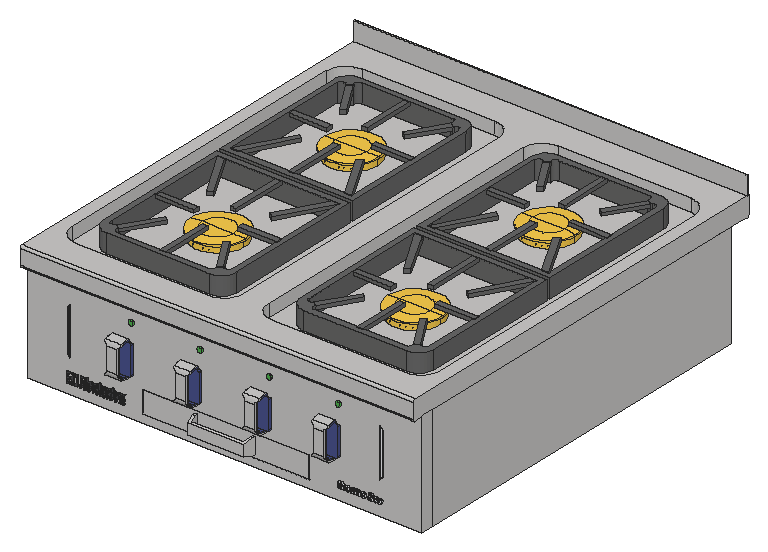
Revit family "QF_ELECTROLUXPROFESSIONAL_593106_MBGGBBHOVI", category Specialty Equipment, Revit 2014
Parameters
  Weight in Pounds = 487.22
  URL Cutsheet = ""
  Type Mark [instance] = ""
  Specification by User [instance] = ""
  Specification by Manufacturer = ""
  Serial Number = ""
  Seismic Rating = ""
  SMACNA No = ""
  Revision Code [instance] = ""
  Omniclass Number and Title = ""
  NAFEM Spec ID Number = ""
  Model = "588557"
  Masterspec = ""
  Manufacturer = "Electrolux Professional"
  Item Number [instance] = ""
  Installed By [instance] = ""
  Identify Quantity as Lot [instance] = yes
  Furnished By [instance] = ""
  Foodservice Equipment Identifier [instance] = yes
  Description = ""
  CSI MasterFormat = ""
  CSI Master Format = ""
Reference planes
  plane 1 "BACK": y = 0
  plane 2: z = 0
  plane 3 "LEFT": x = 0
  plane 4 "RIGHT": x = 800
  plane 5 "FRONT": y = -850
  plane 6 "TOP": z = 900
  plane 7 "Center (Left/Right)": x = 400
  plane 8: y = -425
  plane 9: y = -150
  plane 10: x = 75
  plane 11: x = 725
  plane 12: y = -65
  plane 13: y = -790
  plane 14 "GasY": y = -540
  plane 15: z = 938
  plane 16 "BaseTop": z = 650
  plane 17: y = -805
  plane 18 "Camino": y = -50
  plane 19: x = 764
  plane 20: z = 1131
Forms (mm)
  Extrusion 1, solid, material "QF_Finishes_Stainless Steel"
    sketch origin (-178.969, -4572, 100) x (-1, 0, 0) y (0, -1, 0)
      loop
        line (-178.969, -4527) -> (-178.969, -3767) -> (-978.969, -3767) -> (-978.969, -4527) -> (-178.969, -4527)
    from 550 to 762.969
  Extrusion 2, solid, material "QF_Finishes_Stainless Steel"
    sketch origin (400, 296.4, 1219.2) x (0, 1, 0) y (0, 0, 1)
      loop
        line (-296.4, -319.2) -> (-1141.4, -319.2)
        arc (-1141.4, -319.2) -> (-1144.935, -320.664) -> (-1146.4, -324.2) r 5
        line (-1146.4, -324.2) -> (-1146.4, -355.2)
        arc (-1146.4, -355.2) -> (-1144.971, -358.264) -> (-1141.705, -359.139) r 4
        line (-1141.705, -359.139) -> (-1126.4, -356.231) -> (-316.4, -356.231) -> (-301.094, -359.139)
        arc (-301.094, -359.139) -> (-297.829, -358.264) -> (-296.4, -355.2) r 4
        line (-296.4, -355.2) -> (-296.4, -319.2)
    from -400 to 400
  Extrusion 3, void
    sketch origin (0, 0, 900) x (-1, 0, 0) y (0, -1, 0)
      loop
        arc (-65.29, 65) -> (-37.006, 76.716) -> (-25.29, 105) r 40
        line (-25.29, 105) -> (-25.29, 750)
        arc (-25.29, 750) -> (-37.006, 778.284) -> (-65.29, 790) r 40
        line (-65.29, 790) -> (-335.29, 790)
        arc (-335.29, 790) -> (-363.574, 778.284) -> (-375.29, 750) r 40
        line (-375.29, 750) -> (-375.29, 105)
        arc (-375.29, 105) -> (-363.574, 76.716) -> (-335.29, 65) r 40
        line (-335.29, 65) -> (-65.29, 65)
    from 0 to -25
  Extrusion 4, solid, material "QF_Finishes_Stainless Steel"
    sketch origin (400, 296.4, 1219.2) x (0, 1, 0) y (0, 0, 1)
      loop
        line (-296.4, -319.2) -> (-296.4, -281.2) -> (-298.4, -281.2) -> (-298.4, -319.2) -> (-296.4, -319.2)
    from 400 to -400
  Extrusion 5, solid, material "QF_Finishes_Stainless Steel"
    sketch origin (0, 0, 650) x (-1, 0, 0) y (0, -1, 0)
      loop
        circle (-764, 540) r 10.1
    from 0 to -10
  Extrusion 6, void
    sketch origin (800, 0, 900) x (1, 0, 0) y (0, 1, 0)
      loop
        line (-65.29, -65) -> (-335.29, -65)
        arc (-335.29, -65) -> (-363.574, -76.716) -> (-375.29, -105) r 40
        line (-375.29, -105) -> (-375.29, -750)
        arc (-375.29, -750) -> (-363.574, -778.284) -> (-335.29, -790) r 40
        line (-335.29, -790) -> (-65.29, -790)
        arc (-65.29, -790) -> (-37.006, -778.284) -> (-25.29, -750) r 40
        line (-25.29, -750) -> (-25.29, -105)
        arc (-25.29, -105) -> (-37.006, -76.716) -> (-65.29, -65) r 40
    from 0 to -25
Cuts and joins
  Extrusion 3, Extrusion 6 cuts Extrusion 2
Lines and regions (mm)
  symbolic lines
    curve 1: line (0, 0, 100) -> (800, 0, 100)
    curve 2: line (0, -850, 100) -> (0, 0, 100)
    curve 3: line (800, -850, 100) -> (0, -850, 100)
    curve 4: line (800, 0, 100) -> (800, -850, 100)
    curve 5: line (0, -2, 0) -> (800, -2, 0)
    curve 6: line (335.29, -65, 0) -> (65.29, -65, 0)
    curve 7: line (424.71, -105, 0) -> (424.71, -750, 0)
    curve 8: line (734.71, -65, 0) -> (464.71, -65, 0)
    curve 9: arc (65.29, -65, 0) -> (37.006, -76.716, 0) -> (25.29, -105, 0) r 40
    curve 10: arc (375.29, -105, 0) -> (363.574, -76.716, 0) -> (335.29, -65, 0) r 40
    curve 11: line (375.29, -750, 0) -> (375.29, -105, 0)
    curve 12: arc (335.29, -790, 0) -> (363.574, -778.284, 0) -> (375.29, -750, 0) r 40
    curve 13: line (65.29, -790, 0) -> (335.29, -790, 0)
    curve 14: arc (25.29, -750, 0) -> (37.006, -778.284, 0) -> (65.29, -790, 0) r 40
    curve 15: line (25.29, -105, 0) -> (25.29, -750, 0)
    curve 16: arc (464.71, -65, 0) -> (436.426, -76.716, 0) -> (424.71, -105, 0) r 40
    curve 17: arc (774.71, -105, 0) -> (762.994, -76.716, 0) -> (734.71, -65, 0) r 40
    curve 18: line (774.71, -750, 0) -> (774.71, -105, 0)
    curve 19: arc (734.71, -790, 0) -> (762.994, -778.284, 0) -> (774.71, -750, 0) r 40
    curve 20: line (464.71, -790, 0) -> (734.71, -790, 0)
    curve 21: arc (424.71, -750, 0) -> (436.426, -778.284, 0) -> (464.71, -790, 0) r 40
Dimensions and locks
  plane 3 "LEFT" to plane 4 "RIGHT" = 800 mm
  locked: plane 5 "FRONT" to plane 1 "BACK" at 850
  plane 3 "LEFT" to plane 7 "Center (Left/Right)" to plane 4 "RIGHT" = 400 mm, 400 mm
  equal spacing: plane 5 "FRONT", plane 8, plane 1 "BACK"
  plane 6 "TOP" to level = 900 mm  (x2)
  plane 1 "BACK" to plane 9 = 150 mm
  plane 14 "GasY" to plane 1 "BACK" = 540 mm
  plane 15 to plane 6 "TOP" = 38 mm
  plane 12 to plane 1 "BACK" = 65 mm
  plane 5 "FRONT" to plane 13 = 60 mm
  plane 3 "LEFT" to plane 10 = 75 mm
  plane 11 to plane 4 "RIGHT" = 75 mm
  locked: plane 6 "TOP" to plane 16 "BaseTop" at 250
  locked: plane 17 to plane 5 "FRONT" at 45
  plane 18 "Camino" to plane 1 "BACK" = 50 mm
  plane 19 to plane 4 "RIGHT" = 36 mm
  plane 20 to plane 6 "TOP" = 231 mm
  aligned and locked: level to plane 2
  aligned and locked: cut or joined group of Extrusion 2, Extrusion 3, Extrusion 6 to plane 3 "LEFT"
  aligned and locked: cut or joined group of Extrusion 2, Extrusion 3, Extrusion 6 to plane 4 "RIGHT"
  aligned and locked: nested 1 to plane 17
  aligned and locked: Extrusion 1 to plane 17
  aligned and locked: Extrusion 4 to plane 3 "LEFT"
  aligned and locked: Extrusion 4 to plane 4 "RIGHT"
  aligned and locked: plane 3 "LEFT" to nested 1
Automatic sketch dimensions
  curve 5 to plane 3 "LEFT" = 0 mm
  curve 5 to plane 4 "RIGHT" = 0 mm
  plane 1 "BACK" to curve 5 = 2 mm
  Extrusion 1 sketch curve to plane 4 "RIGHT" = 0 mm
  Extrusion 1 sketch curve to plane 3 "LEFT" = 0 mm
  Extrusion 1 sketch curve to plane 17 = 0 mm
  Extrusion 1 sketch curve to plane 18 "Camino" = 5 mm
  plane 1 "BACK" to curve 1 = 0 mm
  curve 1 to plane 4 "RIGHT" = 0 mm
  curve 3 to plane 3 "LEFT" = 0 mm
  plane 5 "FRONT" to curve 3 = 0 mm
  Extrusion 2 sketch curve to plane 5 "FRONT" = 0 mm
  Extrusion 2 sketch curve to plane 6 "TOP" = 0 mm
  Extrusion 2 sketch curve to plane 1 "BACK" = 0 mm
  Extrusion 2 sketch curve to Extrusion 2 sketch curve = 4 mm
  Extrusion 2 sketch curve to Extrusion 2 sketch curve = 0.695 mm
  Extrusion 2 sketch curve to plane 5 "FRONT" = 5 mm
  Extrusion 2 sketch curve to Extrusion 2 sketch curve = 15.305 mm
  plane 1 "BACK" to Extrusion 2 sketch curve = 20 mm
  plane 1 "BACK" to Extrusion 2 sketch curve = 4.695 mm
  plane 1 "BACK" to Extrusion 2 sketch curve = 4 mm
  Extrusion 2 sketch curve to Extrusion 2 sketch curve = 31 mm
  Extrusion 2 sketch curve to Extrusion 2 sketch curve = 36 mm
  Extrusion 2 sketch curve to Extrusion 2 sketch curve = 2.909 mm
  plane 12 to Extrusion 3 sketch curve = 0 mm
  Extrusion 3 sketch curve to plane 7 "Center (Left/Right)" = 24.71 mm
  Extrusion 3 sketch curve to Extrusion 3 sketch curve = 40 mm  (x2)
  Extrusion 3 sketch curve to plane 13 = 40 mm
  plane 10 to Extrusion 3 sketch curve = 9.71 mm  (x2)
  plane 3 "LEFT" to Extrusion 3 sketch curve = 25.29 mm
  Extrusion 4 sketch curve to plane 6 "TOP" = 0 mm
  Extrusion 4 sketch curve to plane 15 = 0 mm
  Extrusion 4 sketch curve to plane 1 "BACK" = 0 mm
  Extrusion 4 sketch curve to Extrusion 4 sketch curve = 2 mm
  Extrusion 5 sketch curve to plane 14 "GasY" = 0 mm
  Extrusion 5 sketch curve to plane 19 = 0 mm
  plane 12 to Extrusion 6 sketch curve = 0 mm
  Extrusion 6 sketch curve to plane 7 "Center (Left/Right)" = 24.71 mm
  Extrusion 6 sketch curve to Extrusion 6 sketch curve = 40 mm  (x2)
  plane 13 to Extrusion 6 sketch curve = 40 mm
  plane 11 to Extrusion 6 sketch curve = 9.71 mm  (x2)
  Extrusion 6 sketch curve to plane 19 = 10.71 mm
  plane 7 "Center (Left/Right)" to curve 7 = 24.71 mm
  curve 8 to plane 11 = 9.71 mm
  plane 12 to curve 6 = 0 mm
  plane 10 to curve 6 = 9.71 mm
  curve 6 to plane 7 "Center (Left/Right)" = 64.71 mm
  plane 12 to curve 8 = 0 mm
  curve 9 to curve 6 = 40 mm
  curve 10 to curve 6 = 40 mm
  curve 11 to plane 13 = 40 mm
  plane 13 to curve 12 = 0 mm
  plane 10 to curve 13 = 9.71 mm
  plane 12 to curve 16 = 40 mm
  curve 17 to curve 8 = 40 mm
  curve 18 to plane 13 = 40 mm
  plane 13 to curve 19 = 0 mm
  curve 21 to plane 13 = 40 mm
  radius of Extrusion 5 sketch curve = 10.1 mm
Nested families
  nested 1: "Front_Panel_W800_Four Knobs_Spie" at (202.376, -805, 0), type "Front_Panel_W800_Four Knobs_Spie"
  nested 2: "Therma_One_Burner_Long" at (198.607, -260.258, 875), type "Therma_One_Burner_Long"
  nested 3: "Therma_One_Burner_Long" at (198.607, -593.742, 875), type "Therma_One_Burner_Long"
  nested 4: "Therma_One_Burner_Long" at (601.393, -260.258, 875) x (-1, 0, 0) z (0, 0, 1), type "Therma_One_Burner_Long"
  nested 5: "Therma_One_Burner_Long" at (601.393, -593.742, 875) x (-1, 0, 0) z (0, 0, 1), type "Therma_One_Burner_Long"
Connectors
  piping at (764, -540, 650), diameter 12.7
    settings: on Extrusion 5, index 1, connector inside diameter 24", connector length 0 mm, flow factor 0, pipe flow 0 GPM, pressure drop 0.00 psi, fitting loss kfactor 0, connector angle 0.00°, fixture units 0, engagement length 0 mm, angle of deflection 0.00°, flow configuration 1, flow direction 1, fitting loss method 0, system type 7, joint type 0, gender type 0, connector reference index -1, connector utility 0, adjustable connector no, is connector primary yes, connector description "Gas Connection"
Definition of nested family "Front_Panel_W800_Four Knobs_Spie"
  Reference planes
    plane 1 "Center (Front/Back)": y = 0
    plane 2: z = 0
    plane 3 "Center (Left/Right)": x = 197.624
    plane 4 "Left": x = -202.376
    plane 5 "Right": x = 597.624
    plane 6: y = -45
    plane 7: x = -12.376
    plane 8: x = 127.624
    plane 9: y = -310
    plane 10 "Panel": y = -25
    plane 11: x = 517.624
    plane 12: x = -122.376
  Forms (mm)
    Extrusion 1, solid, material "QF_Finishes_Stainless Steel"
      sketch origin (833.217, 829.203, -1.25) x (0, 1, 0) y (0, 0, 1)
        loop
          line (-854.203, 651.25) -> (-829.203, 651.25) -> (-829.203, 864.25) -> (-854.203, 864.25) -> (-854.203, 651.25)
      from -1035.593 to -235.593
    Extrusion 2, void
      sketch origin (0, -25, -10) x (0, 0, 1) y (-1, 0, 0)
        loop
          line (731.866, 122.376) -> (726.866, 117.376) -> (823.866, 117.376) -> (818.866, 122.376) -> (731.866, 122.376)
        loop
          line (731.866, -517.624) -> (818.866, -517.624) -> (823.866, -512.624) -> (726.866, -512.624) -> (731.866, -517.624)
      from 0 to -2
    Extrusion 3, void
      sketch origin (0, 0, 0) x (1, 0, 0) y (0, 0, 1)
        loop
          line (30.124, 711.866) -> (30.124, 666.866) -> (370.124, 666.866) -> (370.124, 711.866) -> (30.124, 711.866)
      from 19.387 to 25
    Extrusion 4, solid, material "QF_Finishes_Stainless Steel"
      sketch origin (0, 0, 0) x (1, 0, 0) y (0, 0, 1)
        loop
          line (31.124, 710.866) -> (31.124, 667.866) -> (369.124, 667.866) -> (369.124, 710.866) -> (31.124, 710.866)
      from 19.387 to 25
    Extrusion 5, solid, material "QF_Finishes_Stainless Steel"
      sketch origin (0, 0, 0) x (1, 0, 0) y (0, 1, 0)
        loop
          line (141.059, -25) -> (135.966, -25) -> (140.646, -49.075) -> (254.603, -49.075) -> (259.283, -25) -> (254.189, -25) -> (250.481, -44.075) -> (144.767, -44.075) -> (141.059, -25)
      from 672.593 to 705.67
    Extrusion 6, void
      sketch origin (197.624, 0, 0) x (0, 1, 0) y (0, 0, 1)
        loop
          line (-30, 705.67) -> (-30, 710.67) -> (-56.744, 710.67) -> (-56.744, 667.593) -> (-30, 667.593) -> (-30, 672.593) -> (-53.776, 680.318) -> (-53.776, 697.945) -> (-30, 705.67)
      from -70 to 70
    Extrusion 7, solid, material "QF_Door-Drawer Clearances", detail levels coarse
      sketch origin (0, -265, 0) x (1, 0, 0) y (0, 1, 0)
        loop
          line (140.646, -69.075) -> (254.603, -69.075) -> (259.283, -45) -> (364.124, -45) -> (364.124, 240) -> (31.124, 240) -> (31.124, -45) -> (135.966, -45) -> (140.646, -69.075)
      from 672.593 to 705.67
    Extrusion 8, void
      sketch origin (197.624, -280, 0) x (0, 1, 0) y (0, 0, 1)
        loop
          line (-30, 705.67) -> (-30, 710.67) -> (-56.744, 710.67) -> (-56.744, 667.593) -> (-30, 667.593) -> (-30, 672.593) -> (-53.776, 680.318) -> (-53.776, 697.945) -> (-30, 705.67)
      from -70 to 70
    Extrusion 9, solid, material "QF_Finishes_Green"
      sketch origin (20, -25, 1.163) x (0, 0, 1) y (-1, 0, 0)
        loop
          circle (824.337, 12.376) r 5
      from 0 to 1.7
    Extrusion 10, solid, material "QF_Finishes_Green"
      sketch origin (160, -25, 1.163) x (0, 0, 1) y (-1, 0, 0)
        loop
          circle (824.337, 12.376) r 5
      from 0 to 1.7
    Extrusion 11, solid, material "QF_Finishes_Green"
      sketch origin (300.724, -25, 1.163) x (0, 0, 1) y (-1, 0, 0)
        loop
          circle (824.337, 12.376) r 5
      from 0 to 1.7
    Extrusion 12, solid, material "QF_Finishes_Green"
      sketch origin (440.724, -25, 1.163) x (0, 0, 1) y (-1, 0, 0)
        loop
          circle (824.337, 12.376) r 5
      from 0 to 1.7
    Extrusion 13, solid, material "QF_Finishes_White"
      sketch origin (0, -25, -10) x (0, 0, 1) y (-1, 0, 0)
        loop
          line (731.866, 122.376) -> (726.866, 117.376) -> (823.866, 117.376) -> (818.866, 122.376) -> (731.866, 122.376)
        loop
          line (726.866, -512.624) -> (731.866, -517.624) -> (818.866, -517.624) -> (823.866, -512.624) -> (726.866, -512.624)
      from 0 to -2
  Cuts and joins
    Extrusion 2, Extrusion 3 cuts Extrusion 1
    Extrusion 6, Extrusion 8 cuts Extrusion 5
    Extrusion 8 cuts Extrusion 7
  Lines and regions (mm)
    symbolic lines, style "SpecialityEquipmentHiddenLines"
      curve 1: line (31.124, -45, 0) -> (31.124, -310, 0)
      curve 2: line (31.124, -310, 0) -> (364.124, -310, 0)
      curve 3: line (135.966, -310, 0) -> (140.646, -334.075, 0)
      curve 4: line (140.646, -334.075, 0) -> (254.603, -334.075, 0)
      curve 5: line (254.603, -334.075, 0) -> (259.283, -310, 0)
      curve 6: line (364.124, -310, 0) -> (364.124, -45, 0)
      curve 7: line (31.124, -300, 0) -> (364.124, -300, 0)
      curve 8: line (140.874, -309.046, 0) -> (144.767, -329.075, 0)
      curve 9: line (144.767, -329.075, 0) -> (250.481, -329.075, 0)
      curve 10: line (250.481, -329.075, 0) -> (254.375, -309.046, 0)
  Dimensions and locks
    equal spacing: plane 5 "Right", plane 3 "Center (Left/Right)", plane 4 "Left"
    plane 5 "Right" to plane 4 "Left" = 800 mm
    plane 3 "Center (Left/Right)" to plane 7 = 210 mm
    plane 3 "Center (Left/Right)" to plane 8 = 70 mm
    plane 6 to plane 9 = 265 mm
    aligned and locked: cut or joined group of Extrusion 1, Extrusion 2, Extrusion 3 to plane 4 "Left"
    aligned and locked: plane 5 "Right" to cut or joined group of Extrusion 1, Extrusion 2, Extrusion 3
  Automatic sketch dimensions
    plane 6 to curve 1 = 0 mm
    curve 1 to plane 9 = 0 mm
    plane 6 to curve 6 = 0 mm
    plane 7 to curve 1 = 43.5 mm
    plane 8 to curve 3 = 13.021 mm
    curve 3 to curve 8 = 4.122 mm
    curve 10 to plane 9 = 19.075 mm
    plane 3 "Center (Left/Right)" to curve 10 = 52.857 mm
    curve 5 to plane 9 = 24.075 mm
    curve 9 to curve 5 = 4.122 mm
    curve 4 to curve 2 = 109.521 mm
    plane 8 to curve 3 = 8.342 mm
    plane 9 to curve 8 = 0.954 mm
    curve 3 to curve 8 = 4.908 mm
    plane 9 to curve 10 = 0.954 mm
    curve 9 to curve 10 = 3.893 mm
    curve 10 to curve 5 = 4.908 mm
    plane 9 to curve 7 = 10 mm
    Extrusion 1 sketch curve to plane 10 "Panel" = 0 mm
    Extrusion 1 sketch curve to plane 1 "Center (Front/Back)" = 0 mm
    Extrusion 2 sketch curve to plane 12 = 0 mm
    Extrusion 2 sketch curve to plane 11 = 0 mm
    Extrusion 2 sketch curve to plane 11 = 5 mm
    plane 12 to Extrusion 2 sketch curve = 5 mm
    Extrusion 2 sketch curve to Extrusion 2 sketch curve = 5 mm  (x4)
    plane 7 to Extrusion 3 sketch curve = 42.5 mm
    Extrusion 3 sketch curve to plane 11 = 147.5 mm
    Extrusion 3 sketch curve to Extrusion 3 sketch curve = 45 mm
    plane 7 to Extrusion 4 sketch curve = 43.5 mm
    Extrusion 4 sketch curve to plane 11 = 148.5 mm
    Extrusion 4 sketch curve to Extrusion 4 sketch curve = 43 mm
    plane 10 "Panel" to Extrusion 5 sketch curve = 0 mm  (x2)
    plane 8 to Extrusion 5 sketch curve = 8.342 mm
    plane 6 to Extrusion 5 sketch curve = 4.075 mm
    plane 8 to Extrusion 5 sketch curve = 13.021 mm
    Extrusion 5 sketch curve to Extrusion 5 sketch curve = 5.094 mm  (x2)
    Extrusion 5 sketch curve to plane 6 = 0.925 mm
    Extrusion 5 sketch curve to Extrusion 5 sketch curve = 4.122 mm  (x2)
    plane 3 "Center (Left/Right)" to Extrusion 5 sketch curve = 52.857 mm
    Extrusion 5 sketch curve to Extrusion 5 sketch curve = 3.708 mm
    plane 6 to Extrusion 6 sketch curve = 11.744 mm
    plane 6 to Extrusion 6 sketch curve = 8.776 mm
    plane 10 "Panel" to Extrusion 6 sketch curve = 5 mm  (x2)
    Extrusion 6 sketch curve to Extrusion 6 sketch curve = 5 mm
    Extrusion 6 sketch curve to Extrusion 6 sketch curve = 12.725 mm  (x2)
    Extrusion 6 sketch curve to Extrusion 6 sketch curve = 17.627 mm
    Extrusion 6 sketch curve to Extrusion 6 sketch curve = 7.725 mm
    plane 10 "Panel" to Extrusion 7 sketch curve = 0 mm
    Extrusion 7 sketch curve to plane 9 = 0 mm  (x2)
    plane 7 to Extrusion 7 sketch curve = 43.5 mm
    plane 8 to Extrusion 7 sketch curve = 8.342 mm
    plane 8 to Extrusion 7 sketch curve = 13.021 mm
    Extrusion 7 sketch curve to plane 9 = 24.075 mm
    plane 3 "Center (Left/Right)" to Extrusion 7 sketch curve = 56.979 mm
    Extrusion 7 sketch curve to Extrusion 7 sketch curve = 4.68 mm
    Extrusion 7 sketch curve to Extrusion 7 sketch curve = 104.842 mm
    Extrusion 8 sketch curve to plane 9 = 26.744 mm
    Extrusion 8 sketch curve to plane 9 = 23.776 mm
    plane 9 to Extrusion 8 sketch curve = 0 mm  (x2)
    Extrusion 8 sketch curve to Extrusion 8 sketch curve = 5 mm
    Extrusion 8 sketch curve to Extrusion 8 sketch curve = 12.725 mm  (x2)
    Extrusion 8 sketch curve to Extrusion 8 sketch curve = 17.627 mm
    Extrusion 8 sketch curve to Extrusion 8 sketch curve = 7.725 mm
    plane 7 to Extrusion 9 sketch curve = 20 mm
    plane 8 to Extrusion 10 sketch curve = 20 mm
    plane 3 "Center (Left/Right)" to Extrusion 11 sketch curve = 90.724 mm
    Extrusion 12 sketch curve to plane 11 = 89.276 mm
    Extrusion 13 sketch curve to plane 12 = 0 mm
    Extrusion 13 sketch curve to plane 11 = 0 mm
    plane 12 to Extrusion 13 sketch curve = 5 mm
    Extrusion 13 sketch curve to Extrusion 13 sketch curve = 5 mm  (x4)
    Extrusion 13 sketch curve to plane 11 = 5 mm
    level to Extrusion 1 sketch curve = 650 mm
    Extrusion 1 sketch curve to Extrusion 1 sketch curve = 213 mm
    level to Extrusion 2 sketch curve = 716.866 mm
    Extrusion 2 sketch curve to Extrusion 2 sketch curve = 0 mm
    Extrusion 2 sketch curve to Extrusion 2 sketch curve = 87 mm  (x2)
    level to Extrusion 3 sketch curve = 666.866 mm
    level to Extrusion 4 sketch curve = 667.866 mm
    level to Extrusion 6 sketch curve = 667.593 mm
    level to Extrusion 8 sketch curve = 667.593 mm
    level to Extrusion 9 sketch curve = 825.5 mm
    level to Extrusion 10 sketch curve = 825.5 mm
    level to Extrusion 11 sketch curve = 825.5 mm
    level to Extrusion 12 sketch curve = 825.5 mm
    level to Extrusion 13 sketch curve = 716.866 mm
    Extrusion 13 sketch curve to Extrusion 13 sketch curve = 0 mm
    Extrusion 13 sketch curve to Extrusion 13 sketch curve = 87 mm  (x2)
    radius of Extrusion 9 sketch curve = 5 mm
    radius of Extrusion 10 sketch curve = 5 mm
    radius of Extrusion 11 sketch curve = 5 mm
    radius of Extrusion 12 sketch curve = 5 mm
  Nested families
    nested 1: "Range Control Handle" at (-12.376, -28.137, -209.113) x (-1, 0, 0) z (0, 0, 1), type "Range Control Handle"
    nested 2: "Range Control Handle" at (127.624, -28.137, -209.113) x (-1, 0, 0) z (0, 0, 1), type "Range Control Handle"
    nested 3: "Range Control Handle" at (407.624, -28.137, -209.113), type "Range Control Handle"
    nested 4: "Range Control Handle" at (267.624, -28.137, -209.113), type "Range Control Handle"
    nested 5: "ELX_ThermaLine_Small" at (468.838, -25, 679.426) x (1, 0, 0) z (0, -1, 0), type "ELX_ThermaLine_Small"
      with Show Logo yes, Material_Logo QF_Finishes_Black
    nested 6: "ELX_Professional_Logo_Small" at (-62.89, -25, 681.659) x (1, 0, 0) z (0, -1, 0), type "ELX_Professional_Logo_Small"
      with Show Logo yes, Material_Logo QF_Finishes_Black
  Definition of nested family "Range Control Handle"
    Reference planes
      plane 1 "Center (Front/Back)": y = 0
      plane 2: z = 0
      plane 3 "Center (Left/Right)": x = 0
      plane 4: z = 971.092
      plane 5: y = -16.9
    Forms (mm)
      Extrusion 1, solid, material "QF_Finishes_Electrolux Cyan"
        sketch origin (-746.28, 380.497, 208.931) x (-1, 0, 0) y (0, 0, 1)
          loop
            line (-770.101, 786.798) -> (-770.101, 731.649)
            arc (-770.101, 731.649) -> (-769.759, 730.563) -> (-768.855, 729.87) r 1.893
            line (-768.855, 729.87) -> (-763.474, 727.911) -> (-729.81, 727.911) -> (-724.428, 729.87)
            arc (-724.428, 729.87) -> (-723.525, 730.563) -> (-723.183, 731.649) r 1.893
            line (-723.183, 731.649) -> (-723.183, 786.798)
            arc (-723.183, 786.798) -> (-723.529, 787.894) -> (-724.44, 788.593) r 1.91
            line (-724.44, 788.593) -> (-729.683, 790.819) -> (-763.601, 790.819) -> (-768.844, 788.593)
            arc (-768.844, 788.593) -> (-769.755, 787.894) -> (-770.101, 786.798) r 1.91
        from -382.35 to -378.852
      Sweep 2, solid, material "QF_Finishes_Electrolux Cyan"
        path origin (-746.788, 380.496, 208.091) x (0, -1, 0) y (0, 0, 1)
          loop
            line (379.775, 793.281) -> (395.661, 791.048)
            arc (395.661, 791.048) -> (397.781, 787.377) -> (398.517, 783.202) r 12.207
            line (398.517, 783.202) -> (398.517, 737.368)
            arc (398.517, 737.368) -> (397.781, 733.193) -> (395.661, 729.522) r 12.207
            line (395.661, 729.522) -> (379.775, 727.289)
        profile origin (-746.788, -7.222, 1000.256) x (0, -0.139173, 0.990268) y (-1, 0, 0)
          loop
            line (0.782, -763.123) -> (0.782, -730.907) -> (-1.322, -730.907) -> (-1.322, -763.123) -> (0.782, -763.123)
      Sweep 3, solid, material "QF_Finishes_Stainless Steel"
        path origin (-746.788, 380.715, 207.832) x (0, -1, 0) y (0, 0, 1)
          loop
            line (380.478, 795.442) -> (397.218, 793.09)
            arc (397.218, 793.09) -> (399.929, 788.473) -> (400.871, 783.202) r 15.207
            line (400.871, 783.202) -> (400.871, 737.584)
            arc (400.871, 737.584) -> (399.914, 732.274) -> (397.164, 727.633) r 15.207
            line (397.164, 727.633) -> (380.601, 725.305)
        profile origin (-746.788, -8.132, 1002.099) x (0, -0.139173, 0.990268) y (-1, 0, 0)
          loop
            line (0.782, -763.123) -> (0.782, -730.907) -> (-1.322, -730.907) -> (-1.322, -763.123) -> (0.782, -763.123)
      Extrusion 4, void
        sketch origin (889.253, 220.666, 207.993) x (1, 0, 0) y (0, 0, 1)
          loop
            line (-943.038, 816.854) -> (-943.038, 703.686) -> (-899.466, 734.196) -> (-899.466, 786.344) -> (-943.038, 816.854)
        from 230.636 to 242.25
      Extrusion 5, void
        sketch origin (-888.8, 220.666, 207.993) x (-1, 0, 0) y (0, 0, -1)
          loop
            line (-943.038, -816.854) -> (-899.466, -786.344) -> (-899.466, -734.196) -> (-943.038, -703.686) -> (-943.038, -816.854)
        from 230.636 to 242.25
      Extrusion 6, solid, material "QF_Finishes_Electrolux Cyan"
        sketch origin (0, 0, 0) x (1, 0, 0) y (0, 0, 1)
          loop
            circle (0, 971.092) r 7.736
        from -3.137 to -1.645
    Cuts and joins
      Extrusion 4, Extrusion 5 cuts Sweep 3
      Extrusion 4, Extrusion 5 cuts Sweep 2
      joined: Extrusion 1, Extrusion 6
    Lines and regions (mm)
      symbolic lines
        curve 1: line (16.334, -16.9, 0) -> (16.334, -19.227, 0)
        curve 2: spline (16.334, -19.227, 0) -> (15.87, -19.385, 0) -> (15.404, -19.536, 0) -> (14.936, -19.678, 0) -> (14.466, -19.813, 0) -> (13.995, -19.94, 0) -> (13.523, -20.059, 0) -> (13.049, -20.171, 0) -> (12.575, -20.274, 0) -> (12.099, -20.37, 0) -> (11.622, -20.458, 0) -> (11.144, -20.537, 0) -> (10.666, -20.609, 0)
        curve 3: line (10.666, -16.9, 0) -> (10.666, -20.938, 0)
        curve 4: line (-10.213, -20.938, 0) -> (10.666, -20.938, 0)
        curve 5: line (-10.213, -20.938, 0) -> (-10.213, -16.9, 0)
        curve 6: spline (-10.213, -20.609, 0) -> (-10.691, -20.537, 0) -> (-11.169, -20.458, 0) -> (-11.646, -20.37, 0) -> (-12.122, -20.274, 0) -> (-12.597, -20.171, 0) -> (-13.07, -20.059, 0) -> (-13.542, -19.94, 0) -> (-14.013, -19.813, 0) -> (-14.483, -19.678, 0) -> (-14.951, -19.536, 0) -> (-15.417, -19.385, 0) -> (-15.881, -19.227, 0)
        curve 7: line (-15.881, -19.227, 0) -> (-15.881, -16.9, 0)
  Definition of nested family "ELX_ThermaLine_Small"
    Parameters (values of type "ELX_ThermaLine_Small")
      Show Logo [instance] = yes
      Material_Logo [instance] = QF_Finishes_Black
      Default Elevation = 0 mm
    Reference planes
      plane 1 "Centro (Fronte/Retro)": y = 0
      plane 2: z = 0
      plane 3 "Centro (Sinistra/Destra)": x = 0
    Forms (mm)
      Extrusion 1, solid
        sketch origin (0, 0, 0) x (1, 0, 0) y (0, 1, 0)
          loop
            line (-1219.2, 1219.2) -> (-1219.2, -1219.2) -> (1219.2, -1219.2) -> (1219.2, 1219.2) -> (-1219.2, 1219.2)
        from 0 to -304.8
      Extrusion 2, solid, material "QF_Finishes_White"
        sketch origin (0, 0, 0) x (1, 0, 0) y (0, 1, 0)
          loop
            line (-37.494, 1.229) -> (-35.908, 1.229) -> (-35.908, 3.066) -> (-37.494, 3.066) -> (-37.494, 6.221) -> (-39.867, 4.881) -> (-39.867, 3.066) -> (-40.969, 3.066) -> (-40.969, 1.229) -> (-39.867, 1.229) -> (-39.867, -3.407)
            arc (-39.867, -3.407) -> (-38.982, -5.513) -> (-36.751, -6.001) r 2.478
            line (-36.751, -6.001) -> (-35.638, -5.7) -> (-35.9, -3.835) -> (-36.661, -4.039)
            arc (-36.661, -4.039) -> (-37.236, -3.924) -> (-37.494, -3.399) r 0.662
            line (-37.494, -3.399) -> (-37.494, 1.229)
          loop
            line (-34.242, 6.539) -> (-34.242, -5.848) -> (-31.854, -5.848) -> (-31.854, -0.078)
            arc (-31.854, -0.078) -> (-30.939, 1.249) -> (-29.33, 1.367) r 1.866
            arc (-29.33, 1.367) -> (-28.695, 0.768) -> (-28.461, -0.073) r 1.627
            line (-28.461, -0.073) -> (-28.461, -5.848) -> (-26.086, -5.848) -> (-26.064, -0.46)
            arc (-26.064, -0.46) -> (-26.261, 0.932) -> (-26.786, 2.237) r 5.825
            arc (-26.786, 2.237) -> (-29.381, 3.264) -> (-31.854, 1.971) r 3.353
            line (-31.854, 1.971) -> (-31.854, 6.539) -> (-34.242, 6.539)
          loop
            arc (-18.398, -0.598) -> (-18.893, 0.879) -> (-20.326, 1.487) r 1.897
            arc (-20.326, 1.487) -> (-21.461, 0.708) -> (-21.897, -0.598) r 2.164
            line (-21.897, -0.598) -> (-18.398, -0.598)
          loop
            arc (-16.021, -2.044) -> (-16.754, 1.227) -> (-19.444, 3.226) r 4.814
            arc (-19.444, 3.226) -> (-22.137, 2.788) -> (-23.943, 0.743) r 4.054
            arc (-23.943, 0.743) -> (-24.382, -1.249) -> (-24.162, -3.276) r 6.289
            arc (-24.162, -3.276) -> (-23.302, -4.71) -> (-21.958, -5.705) r 4.28
            arc (-21.958, -5.705) -> (-18.558, -5.814) -> (-16.152, -3.409) r 4.28
            line (-16.152, -3.409) -> (-18.5, -2.995)
            arc (-18.5, -2.995) -> (-19.273, -3.994) -> (-20.533, -4.076) r 1.536
            arc (-20.533, -4.076) -> (-21.56, -3.281) -> (-21.958, -2.044) r 2.197
            line (-21.958, -2.044) -> (-16.021, -2.044)
          loop
            line (-14.165, -5.848) -> (-11.819, -5.848) -> (-11.819, -2.138)
            arc (-11.819, -2.138) -> (-11.787, -1.156) -> (-11.637, -0.185) r 8.18
            arc (-11.637, -0.185) -> (-10.644, 0.972) -> (-9.132, 0.776) r 1.603
            line (-9.132, 0.776) -> (-8.419, 2.846)
            arc (-8.419, 2.846) -> (-10.432, 3.118) -> (-11.994, 1.821) r 2.527
            line (-11.994, 1.821) -> (-11.994, 3.094) -> (-14.165, 3.094) -> (-14.165, -5.848)
          loop
            line (-7.579, 3.094) -> (-7.579, -5.848) -> (-5.178, -5.848) -> (-5.178, -0.756)
            arc (-5.178, -0.756) -> (-4.727, 0.679) -> (-3.417, 1.419) r 2.05
            arc (-3.417, 1.419) -> (-2.499, 0.908) -> (-2.155, -0.085) r 1.471
            line (-2.155, -0.085) -> (-2.155, -5.848) -> (0.23, -5.848) -> (0.23, -1.001)
            arc (0.23, -1.001) -> (0.47, 0.127) -> (1.148, 1.061) r 2.775
            arc (1.148, 1.061) -> (2.225, 1.329) -> (3.05, 0.587) r 1.182
            arc (3.05, 0.587) -> (3.199, -0.019) -> (3.214, -0.642) r 2.894
            line (3.214, -0.642) -> (3.214, -5.848) -> (5.601, -5.848) -> (5.601, 0.261)
            arc (5.601, 0.261) -> (4.87, 2.263) -> (2.976, 3.241) r 2.932
            arc (2.976, 3.241) -> (1.284, 2.973) -> (-0.047, 1.896) r 3.309
            arc (-0.047, 1.896) -> (-1.116, 2.865) -> (-2.506, 3.258) r 3.16
            arc (-2.506, 3.258) -> (-4.105, 2.942) -> (-5.376, 1.92) r 3.419
            line (-5.376, 1.92) -> (-5.376, 3.094) -> (-7.579, 3.094)
          loop
            line (7.583, 0.738) -> (9.702, 0.364)
            arc (9.702, 0.364) -> (11.441, 1.492) -> (12.855, -0.023) r 1.613
            line (12.855, -0.023) -> (9.782, -0.789)
            arc (9.782, -0.789) -> (8.559, -1.346) -> (7.617, -2.305) r 3.687
            arc (7.617, -2.305) -> (7.499, -3.681) -> (7.901, -5.003) r 3.651
            arc (7.901, -5.003) -> (9.107, -5.766) -> (10.515, -6.006) r 3.635
            arc (10.515, -6.006) -> (11.898, -5.697) -> (13.067, -4.895) r 3.734
            line (13.067, -4.895) -> (13.376, -5.848) -> (15.75, -5.848) -> (15.212, -4.193) -> (15.212, 0.38)
            arc (15.212, 0.38) -> (14.897, 1.849) -> (13.818, 2.895) r 2.585
            arc (13.818, 2.895) -> (11.792, 3.442) -> (9.719, 3.11) r 5.005
            arc (9.719, 3.11) -> (8.369, 2.178) -> (7.583, 0.738) r 3.54
          loop
            line (19.723, -5.848) -> (22.233, -5.848) -> (24.854, 6.484) -> (22.345, 6.484) -> (19.723, -5.848)
          loop
            line (24.583, -5.848) -> (26.953, -5.848) -> (28.848, 3.066) -> (26.478, 3.066) -> (24.583, -5.848)
          loop
            line (27.204, 6.484) -> (26.741, 4.305) -> (29.111, 4.305) -> (29.575, 6.484) -> (27.204, 6.484)
          loop
            line (29.355, -5.848) -> (31.849, -5.848) -> (33.098, 0.028)
            arc (33.098, 0.028) -> (34.169, 1.306) -> (35.832, 1.422) r 2.132
            arc (35.832, 1.422) -> (36.324, 0.752) -> (36.383, -0.078) r 1.5
            line (36.383, -0.078) -> (35.157, -5.848) -> (37.536, -5.848) -> (38.936, 0.738)
            arc (38.936, 0.738) -> (38.775, 2.091) -> (37.825, 3.066) r 2.118
            arc (37.825, 3.066) -> (35.392, 3.175) -> (33.295, 1.937) r 4.271
            line (33.295, 1.937) -> (33.535, 3.066) -> (31.25, 3.066) -> (29.355, -5.848)
          loop
            line (42.792, -0.64) -> (46.589, -0.64)
            arc (46.589, -0.64) -> (46.639, 0.124) -> (46.327, 0.823) r 1.589
            arc (46.327, 0.823) -> (45.117, 1.521) -> (43.762, 1.183) r 1.865
            arc (43.762, 1.183) -> (43.141, 0.344) -> (42.792, -0.64) r 3.538
          loop
            line (42.565, -2.138) -> (48.593, -2.138)
            arc (48.593, -2.138) -> (48.58, 0.597) -> (46.983, 2.818) r 4.494
            arc (46.983, 2.818) -> (44.191, 3.28) -> (41.725, 1.891) r 4.26
            arc (41.725, 1.891) -> (40.503, -0.3) -> (40.284, -2.799) r 6.003
            arc (40.284, -2.799) -> (40.959, -4.468) -> (42.377, -5.576) r 3.482
            arc (42.377, -5.576) -> (44.265, -5.961) -> (46.152, -5.576) r 4.823
            arc (46.152, -5.576) -> (47.432, -4.731) -> (48.328, -3.485) r 4.245
            line (48.328, -3.485) -> (46.168, -3.105)
            arc (46.168, -3.105) -> (45.214, -4.072) -> (43.859, -4.181) r 1.953
            arc (43.859, -4.181) -> (42.821, -3.408) -> (42.565, -2.138) r 1.81
          loop
            line (12.868, -1.553) -> (10.216, -2.214)
            arc (10.216, -2.214) -> (9.747, -3.136) -> (10.216, -4.058) r 1.14
            arc (10.216, -4.058) -> (11.537, -4.249) -> (12.614, -3.46) r 1.763
            arc (12.614, -3.46) -> (12.858, -2.522) -> (12.868, -1.553) r 3.97
        from 0 to 1.6
    Dimensions and locks
      aligned and locked: plane 2 to Extrusion 1
      aligned and locked: level to Extrusion 1
  Definition of nested family "ELX_Professional_Logo_Small"
    Parameters (values of type "ELX_Professional_Logo_Small")
      Show Logo [instance] = yes
      Material_Logo [instance] = QF_Finishes_Black
      Default Elevation = 0 mm
    Reference planes
      plane 1 "Centro (Fronte/Retro)": y = 0
      plane 2: z = 0
      plane 3 "Centro (Sinistra/Destra)": x = 0
    Forms (mm)
      Extrusion 1, solid
        sketch origin (0, 0, 0) x (1, 0, 0) y (0, 1, 0)
          loop
            line (-1219.2, 1219.2) -> (-1219.2, -1219.2) -> (1219.2, -1219.2) -> (1219.2, 1219.2) -> (-1219.2, 1219.2)
        from 0 to -304.8
      Extrusion 2, solid, material "QF_Finishes_Black" <- "Material_Logo"
        sketch origin (15.5, 0, 0) x (1, 0, 0) y (0, 1, 0)
          loop
            spline (-42.99, -1.24) -> (-43.195, -1.231) -> (-43.415, -1.203) -> (-43.642, -1.152) -> (-43.87, -1.074) -> (-44.095, -0.966) -> (-44.309, -0.825) -> (-44.506, -0.647) -> (-44.681, -0.429) -> (-44.828, -0.167) -> (-44.94, 0.142) -> (-45.011, 0.501) -> (-45.037, 0.915)
            line (-45.037, 0.915) -> (-45.037, 2.748) -> (-38.984, 2.748) -> (-38.984, 5.086) -> (-45.038, 5.086) -> (-45.038, 8.489) -> (-38.599, 8.489) -> (-38.599, 10.82) -> (-47.515, 10.82) -> (-47.515, 1.021)
            spline (-47.515, 1.021) -> (-47.493, 0.418) -> (-47.425, -0.15) -> (-47.311, -0.682) -> (-47.15, -1.175) -> (-46.939, -1.628) -> (-46.678, -2.038) -> (-46.365, -2.404) -> (-46, -2.723) -> (-45.58, -2.995) -> (-45.105, -3.216) -> (-44.573, -3.385) -> (-43.983, -3.499)
            line (-43.983, -3.499) -> (-43.01, -3.569) -> (-38.426, -3.569) -> (-38.426, -1.24) -> (-42.99, -1.24)
          loop
            line (-36.666, 4.021) -> (-36.666, -3.573) -> (-34.188, -3.573) -> (-34.188, 10.824) -> (-36.666, 10.824) -> (-36.666, 4.021)
          loop
            spline (-21.915, 1.897) -> (-21.957, 2.615) -> (-22.082, 3.303) -> (-22.285, 3.955) -> (-22.563, 4.564) -> (-22.913, 5.124) -> (-23.331, 5.629) -> (-23.814, 6.074) -> (-24.359, 6.451) -> (-24.961, 6.755) -> (-25.618, 6.98) -> (-26.326, 7.119) -> (-27.081, 7.167)
            spline (-27.081, 7.167) -> (-27.853, 7.122) -> (-28.586, 6.99) -> (-29.275, 6.774) -> (-29.915, 6.478) -> (-30.5, 6.104) -> (-31.024, 5.657) -> (-31.483, 5.138) -> (-31.871, 4.553) -> (-32.182, 3.904) -> (-32.411, 3.194) -> (-32.552, 2.427) -> (-32.6, 1.606)
            spline (-32.6, 1.606) -> (-32.553, 0.805) -> (-32.416, 0.057) -> (-32.193, -0.637) -> (-31.887, -1.271) -> (-31.504, -1.843) -> (-31.048, -2.35) -> (-30.523, -2.788) -> (-29.934, -3.154) -> (-29.284, -3.444) -> (-28.579, -3.656) -> (-27.822, -3.785) -> (-27.019, -3.829)
            spline (-27.019, -3.829) -> (-26.627, -3.82) -> (-26.239, -3.79) -> (-25.856, -3.739) -> (-25.477, -3.663) -> (-25.103, -3.562) -> (-24.734, -3.432) -> (-24.369, -3.273) -> (-24.01, -3.082) -> (-23.655, -2.858) -> (-23.305, -2.597) -> (-22.96, -2.299) -> (-22.621, -1.962)
            line (-22.621, -1.962) -> (-24.114, -0.509)
            spline (-24.114, -0.509) -> (-24.311, -0.699) -> (-24.509, -0.872) -> (-24.71, -1.03) -> (-24.915, -1.172) -> (-25.126, -1.297) -> (-25.346, -1.407) -> (-25.576, -1.5) -> (-25.817, -1.576) -> (-26.072, -1.636) -> (-26.342, -1.678) -> (-26.629, -1.704) -> (-26.936, -1.713)
            spline (-26.936, -1.713) -> (-27.384, -1.691) -> (-27.805, -1.625) -> (-28.196, -1.518) -> (-28.556, -1.372) -> (-28.882, -1.187) -> (-29.174, -0.966) -> (-29.429, -0.71) -> (-29.645, -0.422) -> (-29.821, -0.102) -> (-29.955, 0.247) -> (-30.045, 0.623) -> (-30.089, 1.026)
            line (-30.089, 1.026) -> (-21.956, 1.026) -> (-21.915, 1.897)
          loop
            spline (-24.446, 2.769) -> (-24.47, 3.075) -> (-24.54, 3.37) -> (-24.654, 3.65) -> (-24.807, 3.913) -> (-24.996, 4.156) -> (-25.219, 4.376) -> (-25.472, 4.57) -> (-25.753, 4.736) -> (-26.057, 4.869) -> (-26.382, 4.968) -> (-26.724, 5.03) -> (-27.081, 5.051)
            spline (-27.081, 5.051) -> (-27.464, 5.03) -> (-27.832, 4.97) -> (-28.183, 4.872) -> (-28.513, 4.74) -> (-28.819, 4.577) -> (-29.099, 4.384) -> (-29.347, 4.165) -> (-29.563, 3.923) -> (-29.742, 3.659) -> (-29.881, 3.377) -> (-29.977, 3.079) -> (-30.027, 2.769)
            line (-30.027, 2.769) -> (-24.446, 2.769)
          loop
            spline (-18.167, 1.669) -> (-18.138, 2.13) -> (-18.055, 2.567) -> (-17.921, 2.978) -> (-17.739, 3.358) -> (-17.512, 3.705) -> (-17.243, 4.016) -> (-16.937, 4.287) -> (-16.596, 4.517) -> (-16.223, 4.7) -> (-15.823, 4.835) -> (-15.398, 4.919) -> (-14.951, 4.947)
            spline (-14.951, 4.947) -> (-14.677, 4.938) -> (-14.414, 4.913) -> (-14.162, 4.871) -> (-13.921, 4.812) -> (-13.69, 4.738) -> (-13.467, 4.649) -> (-13.254, 4.544) -> (-13.048, 4.424) -> (-12.85, 4.291) -> (-12.659, 4.143) -> (-12.474, 3.981) -> (-12.295, 3.806)
            line (-12.295, 3.806) -> (-10.76, 5.403)
            spline (-10.76, 5.403) -> (-11.065, 5.709) -> (-11.38, 5.984) -> (-11.703, 6.228) -> (-12.035, 6.443) -> (-12.375, 6.63) -> (-12.723, 6.788) -> (-13.078, 6.92) -> (-13.44, 7.026) -> (-13.809, 7.107) -> (-14.184, 7.164) -> (-14.564, 7.198) -> (-14.951, 7.209)
            spline (-14.951, 7.209) -> (-15.725, 7.161) -> (-16.467, 7.02) -> (-17.169, 6.792) -> (-17.826, 6.482) -> (-18.43, 6.096) -> (-18.976, 5.637) -> (-19.455, 5.112) -> (-19.862, 4.525) -> (-20.19, 3.882) -> (-20.433, 3.189) -> (-20.584, 2.449) -> (-20.635, 1.669)
            spline (-20.635, 1.669) -> (-20.584, 0.889) -> (-20.433, 0.149) -> (-20.19, -0.545) -> (-19.862, -1.187) -> (-19.455, -1.774) -> (-18.976, -2.299) -> (-18.43, -2.758) -> (-17.826, -3.145) -> (-17.169, -3.454) -> (-16.467, -3.682) -> (-15.725, -3.823) -> (-14.951, -3.871)
            spline (-14.951, -3.871) -> (-14.564, -3.86) -> (-14.184, -3.826) -> (-13.809, -3.77) -> (-13.44, -3.689) -> (-13.078, -3.583) -> (-12.723, -3.451) -> (-12.375, -3.292) -> (-12.035, -3.105) -> (-11.703, -2.89) -> (-11.38, -2.646) -> (-11.065, -2.371) -> (-10.76, -2.066)
            line (-10.76, -2.066) -> (-12.295, -0.468)
            spline (-12.295, -0.468) -> (-12.474, -0.643) -> (-12.659, -0.805) -> (-12.85, -0.953) -> (-13.048, -1.087) -> (-13.254, -1.206) -> (-13.467, -1.311) -> (-13.69, -1.4) -> (-13.921, -1.475) -> (-14.162, -1.533) -> (-14.414, -1.575) -> (-14.677, -1.6) -> (-14.951, -1.609)
            spline (-14.951, -1.609) -> (-15.398, -1.581) -> (-15.823, -1.497) -> (-16.223, -1.362) -> (-16.596, -1.179) -> (-16.937, -0.95) -> (-17.243, -0.678) -> (-17.512, -0.367) -> (-17.739, -0.02) -> (-17.921, 0.36) -> (-18.055, 0.771) -> (-18.138, 1.208) -> (-18.167, 1.669)
          loop
            spline (-4.441, -1.243) -> (-4.659, -1.247) -> (-4.894, -1.23) -> (-5.137, -1.19) -> (-5.384, -1.121) -> (-5.628, -1.021) -> (-5.864, -0.884) -> (-6.084, -0.708) -> (-6.283, -0.488) -> (-6.454, -0.219) -> (-6.592, 0.101) -> (-6.69, 0.478) -> (-6.742, 0.914)
            line (-6.742, 0.914) -> (-6.742, 4.587) -> (-4.487, 4.587) -> (-4.487, 6.838) -> (-6.738, 6.838) -> (-6.738, 10.824) -> (-9.217, 10.824) -> (-9.217, 0.773)
            spline (-9.217, 0.773) -> (-9.164, 0.19) -> (-9.068, -0.358) -> (-8.928, -0.87) -> (-8.742, -1.343) -> (-8.511, -1.777) -> (-8.232, -2.168) -> (-7.904, -2.515) -> (-7.527, -2.816) -> (-7.098, -3.069) -> (-6.618, -3.273) -> (-6.084, -3.426) -> (-5.496, -3.525)
            line (-5.496, -3.525) -> (-4.45, -3.573) -> (-4.441, -1.243)
          loop
            spline (3.898, 6.983) -> (3.469, 7.009) -> (3.056, 7.001) -> (2.661, 6.961) -> (2.283, 6.888) -> (1.925, 6.785) -> (1.588, 6.652) -> (1.272, 6.49) -> (0.979, 6.301) -> (0.71, 6.085) -> (0.465, 5.844) -> (0.247, 5.578) -> (0.056, 5.289)
            line (0.056, 5.289) -> (0.056, 6.838) -> (-2.402, 6.838) -> (-2.402, -3.572) -> (0.056, -3.572) -> (0.056, 1.901)
            spline (0.056, 1.901) -> (0.079, 2.316) -> (0.145, 2.703) -> (0.254, 3.06) -> (0.404, 3.386) -> (0.592, 3.679) -> (0.818, 3.938) -> (1.08, 4.162) -> (1.375, 4.348) -> (1.703, 4.495) -> (2.062, 4.602) -> (2.45, 4.668) -> (2.865, 4.69)
            line (2.865, 4.69) -> (3.898, 4.586) -> (3.898, 6.983)
          loop
            spline (15.638, 1.633) -> (15.586, 2.396) -> (15.435, 3.124) -> (15.192, 3.81) -> (14.863, 4.449) -> (14.455, 5.034) -> (13.975, 5.56) -> (13.43, 6.021) -> (12.826, 6.411) -> (12.17, 6.724) -> (11.469, 6.955) -> (10.729, 7.098) -> (9.958, 7.147)
            spline (9.958, 7.147) -> (9.182, 7.098) -> (8.44, 6.955) -> (7.737, 6.724) -> (7.081, 6.411) -> (6.477, 6.021) -> (5.933, 5.56) -> (5.454, 5.034) -> (5.048, 4.449) -> (4.721, 3.81) -> (4.479, 3.124) -> (4.329, 2.396) -> (4.277, 1.633)
            spline (4.277, 1.633) -> (4.329, 0.869) -> (4.479, 0.141) -> (4.721, -0.544) -> (5.048, -1.183) -> (5.454, -1.768) -> (5.933, -2.294) -> (6.477, -2.755) -> (7.081, -3.145) -> (7.737, -3.459) -> (8.44, -3.69) -> (9.182, -3.833) -> (9.958, -3.882)
            spline (9.958, -3.882) -> (10.729, -3.833) -> (11.469, -3.69) -> (12.17, -3.459) -> (12.826, -3.145) -> (13.43, -2.755) -> (13.975, -2.294) -> (14.455, -1.768) -> (14.863, -1.183) -> (15.192, -0.544) -> (15.435, 0.141) -> (15.586, 0.869) -> (15.638, 1.633)
          loop
            spline (13.18, 1.633) -> (13.151, 2.083) -> (13.067, 2.513) -> (12.932, 2.918) -> (12.748, 3.296) -> (12.52, 3.642) -> (12.251, 3.954) -> (11.943, 4.227) -> (11.601, 4.459) -> (11.228, 4.645) -> (10.828, 4.782) -> (10.403, 4.867) -> (9.958, 4.896)
            spline (9.958, 4.896) -> (9.509, 4.867) -> (9.081, 4.782) -> (8.679, 4.645) -> (8.306, 4.459) -> (7.964, 4.227) -> (7.658, 3.954) -> (7.39, 3.642) -> (7.163, 3.296) -> (6.981, 2.918) -> (6.847, 2.513) -> (6.765, 2.083) -> (6.736, 1.633)
            spline (6.736, 1.633) -> (6.765, 1.182) -> (6.847, 0.753) -> (6.981, 0.347) -> (7.163, -0.031) -> (7.39, -0.377) -> (7.658, -0.689) -> (7.964, -0.962) -> (8.306, -1.193) -> (8.679, -1.38) -> (9.081, -1.517) -> (9.509, -1.602) -> (9.958, -1.631)
            spline (9.958, -1.631) -> (10.403, -1.602) -> (10.828, -1.517) -> (11.228, -1.38) -> (11.601, -1.193) -> (11.943, -0.962) -> (12.251, -0.689) -> (12.52, -0.377) -> (12.748, -0.031) -> (12.932, 0.347) -> (13.067, 0.753) -> (13.151, 1.182) -> (13.18, 1.633)
          loop
            line (17.162, 4.269) -> (17.162, -3.573) -> (19.642, -3.573) -> (19.642, 10.824) -> (17.162, 10.824) -> (17.162, 4.269)
          loop
            line (28.581, 6.838) -> (28.581, 0.786)
            spline (28.581, 0.786) -> (28.561, 0.393) -> (28.503, 0.038) -> (28.409, -0.279) -> (28.281, -0.559) -> (28.122, -0.802) -> (27.933, -1.011) -> (27.717, -1.185) -> (27.476, -1.325) -> (27.213, -1.433) -> (26.929, -1.509) -> (26.626, -1.554) -> (26.308, -1.569)
            spline (26.308, -1.569) -> (25.99, -1.554) -> (25.688, -1.509) -> (25.404, -1.434) -> (25.141, -1.326) -> (24.9, -1.187) -> (24.684, -1.014) -> (24.496, -0.807) -> (24.336, -0.565) -> (24.209, -0.288) -> (24.115, 0.026) -> (24.057, 0.376) -> (24.037, 0.765)
            line (24.037, 0.765) -> (24.037, 6.838) -> (21.537, 6.838) -> (21.537, 0.558)
            spline (21.537, 0.558) -> (21.581, -0.153) -> (21.71, -0.8) -> (21.916, -1.384) -> (22.195, -1.904) -> (22.54, -2.362) -> (22.944, -2.757) -> (23.403, -3.09) -> (23.909, -3.362) -> (24.456, -3.572) -> (25.04, -3.722) -> (25.652, -3.811) -> (26.288, -3.841)
            spline (26.288, -3.841) -> (26.929, -3.811) -> (27.547, -3.72) -> (28.135, -3.568) -> (28.687, -3.355) -> (29.197, -3.079) -> (29.66, -2.741) -> (30.068, -2.341) -> (30.415, -1.877) -> (30.696, -1.349) -> (30.905, -0.757) -> (31.034, -0.101) -> (31.079, 0.621)
            line (31.079, 0.621) -> (31.079, 6.838) -> (28.581, 6.838)
          loop
            line (40.457, -0.243) -> (38.894, 1.942) -> (40.83, 4.579) -> (42.488, 6.837) -> (39.782, 6.837) -> (37.53, 3.719) -> (35.258, 6.837) -> (32.573, 6.837) -> (34.113, 4.731) -> (36.167, 1.922) -> (34.014, -1.076) -> (32.222, -3.573) -> (34.887, -3.573) -> (37.53, 0.104) -> (40.174, -3.573) -> (42.839, -3.573) -> (40.457, -0.243)
          loop
            line (-46.121, -5.837) -> (-48.039, -5.837) -> (-48.039, -10.814) -> (-47.016, -10.814) -> (-47.016, -9.128) -> (-46.121, -9.128)
            arc (-46.121, -9.128) -> (-44.476, -7.482) -> (-46.121, -5.837) r 1.645
          loop
            line (-46.163, -6.778) -> (-47.016, -6.778) -> (-47.016, -8.187) -> (-46.163, -8.187)
            arc (-46.163, -8.187) -> (-45.458, -7.482) -> (-46.163, -6.778) r 0.704
          loop
            line (-38.313, -5.837) -> (-40.265, -5.837) -> (-40.265, -10.814) -> (-39.241, -10.814) -> (-39.241, -9.1) -> (-38.46, -9.182) -> (-37.48, -10.814) -> (-36.318, -10.814) -> (-37.513, -8.848)
            arc (-37.513, -8.848) -> (-36.888, -8.266) -> (-36.671, -7.441) r 1.536
            arc (-36.671, -7.441) -> (-37.165, -6.305) -> (-38.313, -5.837) r 1.643
          loop
            arc (-38.402, -8.166) -> (-37.707, -7.505) -> (-38.334, -6.778) r 0.696
            line (-38.334, -6.778) -> (-39.241, -6.778) -> (-39.241, -8.166) -> (-38.402, -8.166)
          loop
            circle (-29.965, -8.325) r 2.585
          loop
            circle (-29.965, -8.325) r 1.64
          loop
            line (-23.1, -5.837) -> (-23.1, -10.814) -> (-22.076, -10.814) -> (-22.076, -8.768) -> (-20.204, -8.768) -> (-20.204, -7.828) -> (-22.076, -7.828) -> (-22.076, -6.778) -> (-20.024, -6.778) -> (-20.024, -5.837) -> (-23.1, -5.837)
          loop
            line (-15.802, -5.837) -> (-15.802, -9.2)
            arc (-15.802, -9.2) -> (-15.343, -10.34) -> (-14.209, -10.814) r 1.593
            line (-14.209, -10.814) -> (-12.602, -10.814) -> (-12.602, -10.027) -> (-14.004, -10.027)
            arc (-14.004, -10.027) -> (-14.552, -9.8) -> (-14.779, -9.252) r 0.775
            line (-14.779, -9.252) -> (-14.779, -8.424) -> (-12.789, -8.424) -> (-12.789, -7.642) -> (-14.779, -7.642) -> (-14.779, -6.778) -> (-12.651, -6.778) -> (-12.651, -5.837) -> (-15.802, -5.837)
          loop
            line (-5.909, -7.143) -> (-5.173, -6.638)
            arc (-5.173, -6.638) -> (-5.855, -5.974) -> (-6.781, -5.755) r 1.782
            arc (-6.781, -5.755) -> (-7.397, -5.878) -> (-7.944, -6.189) r 1.974
            arc (-7.944, -6.189) -> (-8.202, -6.5) -> (-8.317, -6.888) r 1.013
            arc (-8.317, -6.888) -> (-8.306, -7.341) -> (-8.192, -7.78) r 1.985
            arc (-8.192, -7.78) -> (-7.749, -8.259) -> (-7.171, -8.563) r 1.928
            arc (-7.171, -8.563) -> (-6.637, -8.779) -> (-6.131, -9.056) r 5.041
            arc (-6.131, -9.056) -> (-5.934, -9.387) -> (-6.09, -9.74) r 0.42
            arc (-6.09, -9.74) -> (-6.631, -9.96) -> (-7.204, -9.845) r 1.016
            arc (-7.204, -9.845) -> (-7.625, -9.603) -> (-7.889, -9.196) r 1.033
            line (-7.889, -9.196) -> (-8.67, -9.686)
            arc (-8.67, -9.686) -> (-8.361, -10.198) -> (-7.908, -10.589) r 1.914
            arc (-7.908, -10.589) -> (-7.334, -10.834) -> (-6.714, -10.896) r 2.063
            arc (-6.714, -10.896) -> (-5.947, -10.743) -> (-5.256, -10.376) r 2.696
            arc (-5.256, -10.376) -> (-4.95, -9.565) -> (-5.108, -8.712) r 1.618
            arc (-5.108, -8.712) -> (-5.448, -8.319) -> (-5.884, -8.035) r 1.876
            arc (-5.884, -8.035) -> (-6.434, -7.789) -> (-6.999, -7.577) r 9.883
            arc (-6.999, -7.577) -> (-7.325, -7.07) -> (-6.854, -6.694) r 0.45
            arc (-6.854, -6.694) -> (-6.329, -6.809) -> (-5.909, -7.143) r 1.197
          loop
            line (1.61, -7.143) -> (2.345, -6.638)
            arc (2.345, -6.638) -> (1.663, -5.974) -> (0.737, -5.755) r 1.782
            arc (0.737, -5.755) -> (0.121, -5.878) -> (-0.425, -6.189) r 1.974
            arc (-0.425, -6.189) -> (-0.683, -6.5) -> (-0.799, -6.888) r 1.013
            arc (-0.799, -6.888) -> (-0.788, -7.341) -> (-0.674, -7.78) r 1.985
            arc (-0.674, -7.78) -> (-0.231, -8.259) -> (0.347, -8.563) r 1.928
            arc (0.347, -8.563) -> (0.881, -8.779) -> (1.387, -9.056) r 5.041
            arc (1.387, -9.056) -> (1.584, -9.387) -> (1.428, -9.74) r 0.42
            arc (1.428, -9.74) -> (0.887, -9.96) -> (0.314, -9.845) r 1.016
            arc (0.314, -9.845) -> (-0.107, -9.603) -> (-0.371, -9.196) r 1.033
            line (-0.371, -9.196) -> (-1.152, -9.686)
            arc (-1.152, -9.686) -> (-0.842, -10.198) -> (-0.39, -10.589) r 1.914
            arc (-0.39, -10.589) -> (0.184, -10.834) -> (0.804, -10.896) r 2.063
            arc (0.804, -10.896) -> (1.572, -10.743) -> (2.263, -10.376) r 2.696
            arc (2.263, -10.376) -> (2.568, -9.565) -> (2.411, -8.712) r 1.618
            arc (2.411, -8.712) -> (2.07, -8.319) -> (1.635, -8.035) r 1.876
            arc (1.635, -8.035) -> (1.084, -7.789) -> (0.519, -7.577) r 9.883
            arc (0.519, -7.577) -> (0.193, -7.07) -> (0.665, -6.694) r 0.45
            arc (0.665, -6.694) -> (1.189, -6.809) -> (1.61, -7.143) r 1.197
          loop
            line (6.801, -5.837) -> (6.801, -10.814) -> (7.825, -10.814) -> (7.825, -5.837) -> (6.801, -5.837)
          loop
            circle (14.724, -8.325) r 1.548
          loop
            circle (14.724, -8.325) r 2.585
          loop
            line (21.59, -10.814) -> (22.623, -10.814) -> (22.623, -7.685) -> (24.9, -10.814) -> (25.895, -10.814) -> (25.895, -5.837) -> (24.861, -5.837) -> (24.861, -9.061) -> (22.585, -5.837) -> (21.59, -5.837) -> (21.59, -10.814)
          loop
            line (31.054, -10.814) -> (31.539, -9.74) -> (33.38, -9.74) -> (33.865, -10.814) -> (34.965, -10.814) -> (32.46, -5.837) -> (29.956, -10.814) -> (31.054, -10.814)
          loop
            line (32.46, -7.698) -> (31.999, -8.719) -> (32.921, -8.719) -> (32.46, -7.698)
          loop
            line (40.047, -9.873) -> (40.047, -5.837) -> (39.024, -5.837) -> (39.024, -10.814) -> (41.961, -10.814) -> (41.961, -9.873) -> (40.047, -9.873)
          loop
            line (-74.986, -10.814) -> (-53.322, -10.814) -> (-53.322, 10.82) -> (-74.986, 10.82) -> (-74.986, -10.814)
          loop
            line (-61.261, 9.758) -> (-61.261, -9.707)
            arc (-61.261, -9.707) -> (-54.066, 0.025) -> (-61.261, 9.758) r 10.18
          loop
            line (-62.251, 8.349) -> (-62.251, 9.758)
            arc (-62.251, 9.758) -> (-70.347, 7.918) -> (-74.247, 0.59) r 9.976
            line (-74.247, 0.59) -> (-71.026, 0.59)
            arc (-71.026, 0.59) -> (-65.274, 2.925) -> (-62.251, 8.349) r 9.351
          loop
            arc (-74.247, -0.539) -> (-70.353, -7.928) -> (-62.251, -9.957) r 10.237
            line (-62.251, -9.957) -> (-62.251, -8.298)
            arc (-62.251, -8.298) -> (-65.274, -2.874) -> (-71.026, -0.539) r 9.351
            line (-71.026, -0.539) -> (-74.247, -0.539)
        from 0 to 1.644
    Dimensions and locks
      aligned and locked: plane 2 to Extrusion 1
      aligned and locked: level to Extrusion 1
Definition of nested family "Therma_One_Burner_Long"
  Reference planes
    plane 1 "Center (Front/Back)": y = 2.758
    plane 2: z = 0
    plane 3 "Center (Left/Right)": x = 1.052
    plane 4: x = -133.948
    plane 5: x = 136.052
    plane 6: y = 324.793
    plane 7: y = -324.793
    plane 8: y = 155.258
    plane 9: y = -162.742
  Forms (mm)
    Extrusion 1, void
      sketch origin (-124.371, -167.459, -885.234) x (-0.587785, -0.809017, 0) y (0, 0, 1)
        loop
          circle (-213.495, 891.283) r 1
      from -67.69 to -35.114
    Extrusion 2, void
      sketch origin (-89.903, -188.091, -885.234) x (-0.422618, -0.906308, 0) y (0, 0, 1)
        loop
          circle (-213.495, 891.283) r 1
      from -74.826 to -35.114
    Extrusion 3, void
      sketch origin (27.702, -206.516, -885.234) x (0.139173, -0.990268, 0) y (0, 0, 1)
        loop
          circle (-213.495, 891.283) r 1
      from -67.69 to -35.114
    Extrusion 4, void
      sketch origin (66.829, -197.413, -885.234) x (0.325568, -0.945519, 0) y (0, 0, 1)
        loop
          circle (-213.495, 891.283) r 1
      from -67.69 to -35.114
    Extrusion 5, void
      sketch origin (103.5, -181.013, -885.234) x (0.5, -0.866025, 0) y (0, 0, 1)
        loop
          circle (-213.495, 891.283) r 1
      from -67.69 to -35.114
    Extrusion 6, void
      sketch origin (136.368, -157.916, -885.234) x (0.656059, -0.75471, 0) y (0, 0, 1)
        loop
          circle (-213.495, 891.283) r 1
      from -67.69 to -35.114
    Extrusion 7, void
      sketch origin (164.225, -128.972, -885.234) x (0.788011, -0.615661, 0) y (0, 0, 1)
        loop
          circle (-213.495, 891.283) r 1
      from -67.69 to -35.114
    Extrusion 8, void
      sketch origin (186.048, -95.245, -885.234) x (0.891007, -0.45399, 0) y (0, 0, 1)
        loop
          circle (-213.495, 891.283) r 1
      from -67.69 to -35.114
    Extrusion 9, void
      sketch origin (201.034, -57.973, -885.234) x (0.961262, -0.275637, 0) y (0, 0, 1)
        loop
          circle (-213.495, 891.283) r 1
      from -67.69 to -35.114
    Extrusion 10, void
      sketch origin (208.566, 21.645, -885.234) x (0.994522, 0.104528, 0) y (0, 0, 1)
        loop
          circle (-213.495, 891.283) r 1
      from -67.69 to -35.114
    Extrusion 11, void
      sketch origin (200.835, 61.066, -885.234) x (0.956305, 0.292372, 0) y (0, 0, 1)
        loop
          circle (-213.495, 891.283) r 1
      from -67.69 to -35.114
    Extrusion 12, void
      sketch origin (185.724, 98.287, -885.234) x (0.882948, 0.469472, 0) y (0, 0, 1)
        loop
          circle (-213.495, 891.283) r 1
      from -67.69 to -35.114
    Extrusion 13, void
      sketch origin (163.788, 131.942, -885.234) x (0.777146, 0.62932, 0) y (0, 0, 1)
        loop
          circle (-213.495, 891.283) r 1
      from -67.69 to -35.114
